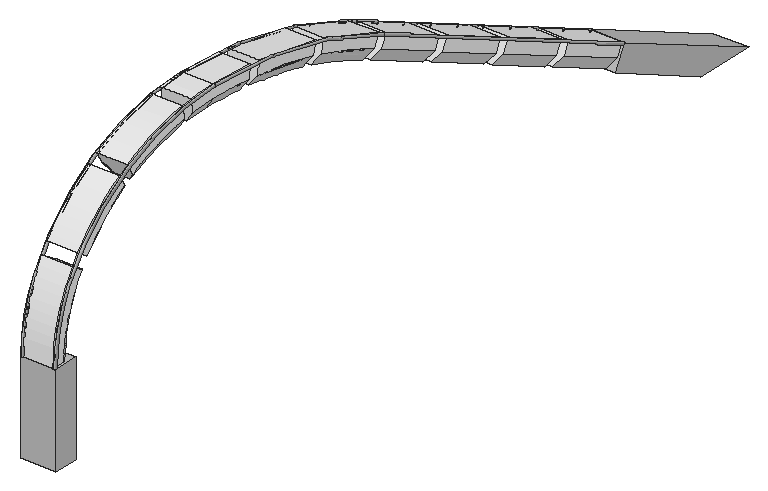
Revit family "FS_Цветочница_Дуга MAX_R16", category Антураж, Revit 2016
Family settings
  На основе рабочей плоскости = Нет
  Всегда вертикально = Да
  При загрузке вырезать с полостями = Нет
  Источник визуального образа = Геометрия семейства
  Общий = Нет
  Точка расчета площади = Нет
Parameters (values of type "Цветочница «Дуга МАХ»")
  Стоимость = 434000
  Description = ""
  Материал вазонов = FS_ПВХ
  Комментарии к типоразмеру = "Материал: стеклопластиковый композит"  # constant formula
  Изготовитель = "ООО 'Хоббика'"  # constant formula
  Высота = 0 mm
  URL = "https://hobbyka.ru/product/tsvetochnitsa_dugamakh/"
  ADSK_Размер_Ширина = 460 mm  # constant formula
  ADSK_Размер_Длина = 11370 mm  # constant formula
  ADSK_Размер_Высота = 3400 mm  # constant formula
  ADSK_Наименование = "Цветочница «Дуга МАХ»"
  ADSK_Материал = FS_Алюминий
  ADSK_Марка = "11180"  # constant formula
Reference planes
  plane 1 "По центру (Вперед/Назад)": y = 0
  plane 2: z = 0
  plane 3 "По центру (Влево/Вправо)": x = 0
Forms (mm)
  Extrusion 1, solid, material "FS_Алюминий" <- "ADSK_Материал"
    sketch origin (0, 0, 0) x (0, 1, 0) y (0, 0, 1)
      loop
        line (4219.153, 0) -> (5000, 0) -> (2969.871, 946.665) -> (2830.407, 647.583) -> (4219.153, 0)
      loop
        line (-6040, 0) -> (-6040, 1200) -> (-6370, 1200) -> (-6370, 0) -> (-6040, 0)
    from -230 to 230
  Sweep 2, solid, material "FS_Алюминий" <- "ADSK_Материал"
    path origin (0, 0, 0) x (0, 1, 0) y (0, 0, 1)
      loop
        line (2830.407, 647.583) -> (-1108.778, 2484.455)
        arc (-1108.778, 2484.455) -> (-2397.325, 2921.858) -> (-3750, 3070) r 6249.664
        spline (-3750, 3070) -> (-4048.905, 3054.002) -> (-4342.696, 3006.281) -> (-4626.345, 2927.655) -> (-4895, 2819.468) -> (-5144.064, 2683.571) -> (-5369.275, 2522.29) -> (-5566.779, 2338.384) -> (-5733.198, 2135) -> (-5865.684, 1915.618) -> (-5961.97, 1683.992) -> (-6020.409, 1444.084) -> (-6040, 1200)
    profile origin (0, 860.814, 1566.019) x (0, -0.422618, -0.906308) y (1, 0, 0)
      loop
        line (-5, 20) -> (-5, -20) -> (0, -20) -> (0, 20) -> (-5, 20)
      loop
        circle (-315, -215) r 15
      loop
        circle (-315, 215) r 15
  Sweep 3, solid, material "FS_ПВХ" <- "Материал вазонов"
    path origin (0, 0, 0) x (0, 1, 0) y (0, 0, 1)
      loop
        line (2830.407, 647.583) -> (-1108.778, 2484.455)
        arc (-1108.778, 2484.455) -> (-2397.325, 2921.858) -> (-3750, 3070) r 6249.664
        spline (-3750, 3070) -> (-4048.905, 3053.996) -> (-4342.693, 3006.276) -> (-4626.345, 2927.655) -> (-4894.997, 2819.462) -> (-5144.059, 2683.566) -> (-5369.275, 2522.29) -> (-5566.774, 2338.38) -> (-5733.192, 2134.997) -> (-5865.684, 1915.618) -> (-5961.963, 1683.99) -> (-6020.402, 1444.084) -> (-6040, 1200)
    profile origin (0, 860.814, 1566.019) x (0, -0.422618, -0.906308) y (1, 0, 0)
      loop
        line (-330, -200) -> (-150, -200) -> (-5, -100) -> (-5, 100) -> (-150, 200) -> (-330, 200) -> (-330, -200)
  Extrusion 4, void
    sketch origin (0, 0, 0) x (0, 1, 0) y (0, 0, 1)
      loop
        line (2809.276, 602.268) -> (2999.454, 1010.106) -> (2990.391, 1014.333) -> (2800.213, 606.494) -> (2809.276, 602.268)
      loop
        line (-1129.909, 2439.14) -> (-1054.347, 2403.905) -> (-864.169, 2811.743) -> (-939.73, 2846.978)
        arc (-939.73, 2846.978) -> (-969.959, 2860.982) -> (-1000.256, 2874.834) r 6649.664
        line (-1000.256, 2874.834) -> (-1190.445, 2466.973)
        arc (-1190.445, 2466.973) -> (-1160.139, 2453.138) -> (-1129.909, 2439.14) r 6199.664
      loop
        line (1939.22, 1007.981) -> (2129.398, 1415.82) -> (1992.535, 1479.64) -> (1802.357, 1071.802) -> (1939.22, 1007.981)
      loop
        line (941.364, 1473.289) -> (1131.543, 1881.128) -> (994.679, 1944.948) -> (804.501, 1537.11) -> (941.364, 1473.289)
      loop
        line (-56.492, 1938.597) -> (133.687, 2346.436) -> (-3.177, 2410.256) -> (-193.355, 2002.418) -> (-56.492, 1938.597)
      loop
        line (-2048.647, 3248.666) -> (-2164.436, 2813.817)
        arc (-2164.436, 2813.817) -> (-2092.042, 2794.197) -> (-2019.891, 2773.701) r 6199.664
        line (-2019.891, 2773.701) -> (-1904.074, 3208.653)
        arc (-1904.074, 3208.653) -> (-1976.248, 3229.067) -> (-2048.647, 3248.666) r 6649.664
      loop
        line (-3143.087, 3442.246) -> (-3184.832, 2994.186)
        arc (-3184.832, 2994.186) -> (-3110.182, 2986.896) -> (-3035.625, 2978.704) r 6199.664
        line (-3035.625, 2978.704) -> (-2993.87, 3426.871)
        arc (-2993.87, 3426.871) -> (-3068.435, 3434.979) -> (-3143.087, 3442.246) r 6649.664
      loop
        line (-4281.013, 3569.915) -> (-4186.685, 2977.022)
        arc (-4186.685, 2977.022) -> (-4112.878, 2990.412) -> (-4038.665, 3001.322) r 2240
        line (-4038.665, 3001.322) -> (-4132.968, 3594.06)
        arc (-4132.968, 3594.06) -> (-4207.15, 3582.965) -> (-4281.013, 3569.915) r 2840
      loop
        line (-5356.768, 3121.772) -> (-5048.413, 2605.301)
        arc (-5048.413, 2605.301) -> (-4986.502, 2647.796) -> (-4923.202, 2688.192) r 2240
        line (-4923.202, 2688.192) -> (-5230.798, 3203.394)
        arc (-5230.798, 3203.394) -> (-5294.322, 3163.415) -> (-5356.768, 3121.772) r 2840
      loop
        arc (-5634.669, 1990.629) -> (-5593.054, 2053.087) -> (-5549.37, 2114.117) r 2240
        line (-5549.37, 2114.117) -> (-6055.087, 2438.968)
        arc (-6055.087, 2438.968) -> (-6098.109, 2377.494) -> (-6139.491, 2314.904) r 2840
        line (-6139.491, 2314.904) -> (-5634.669, 1990.629)
    from -230 to 230
Cuts and joins
  Extrusion 4 cuts Extrusion 1
  Extrusion 4 cuts Sweep 3
Dimensions and locks
  aligned and locked: level to plane 2
